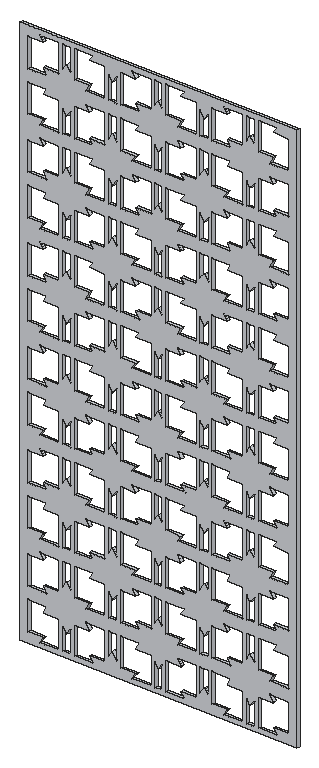
Revit family "Messianic", category Generic Models, Revit 2016
Family settings
  Part Type = Normal
  Can host rebar = No
  Round Connector Dimension = Use Diameter
  Work Plane-Based = Yes
  Always vertical = No
  Cut with Voids When Loaded = No
  Shared = No
  Room Calculation Point = No
Parameters
  Default Elevation = 4' - 0"
Reference planes (in)
  plane 1 "Center (Front/Back)": y = 0
  plane 2: z = 0
  plane 3 "Center (Left/Right)": x = 0
Forms (in)
  Extrusion 1, solid
    sketch origin (464, 0, -0.06647) x (1, 0, 0) y (0, 0, 1)
      loop
        line (-416, 96.06647) -> (-464, 96.06647) -> (-464, 0.06647) -> (-416, 0.06647) -> (-416, 96.06647)
      loop
        line (-459.96751, 50.01409) -> (-460.59761, 49.06895) -> (-457.28962, 49.06895) -> (-457.28962, 54.11896) -> (-459.96751, 54.11896) -> (-459.33742, 55.0641) -> (-462.64541, 55.0641) -> (-462.64541, 50.01409) -> (-459.96751, 50.01409)
      loop
        line (-455.24182, 49.06895) -> (-455.24182, 53.01629) -> (-455.87191, 52.07115) -> (-456.65953, 53.01629) -> (-456.65953, 49.06895) -> (-455.24182, 49.06895)
      loop
        line (-454.61172, 54.11896) -> (-454.61172, 49.06895) -> (-451.30374, 49.06895) -> (-451.93383, 50.01409) -> (-449.25593, 50.01409) -> (-449.25593, 55.0641) -> (-452.56392, 55.0641) -> (-451.93383, 54.11896) -> (-454.61172, 54.11896)
      loop
        line (-447.99575, 52.07115) -> (-447.20813, 51.11675) -> (-447.20813, 55.0641) -> (-448.62584, 55.0641) -> (-448.62584, 51.11675) -> (-447.99575, 52.07115)
      loop
        line (-446.57804, 55.0641) -> (-446.57804, 50.01409) -> (-443.89088, 50.01409) -> (-444.68776, 49.06895) -> (-441.21298, 49.06895) -> (-441.21298, 54.11896) -> (-443.89088, 54.11896) -> (-443.26079, 55.0641) -> (-446.57804, 55.0641)
      loop
        line (-440.58289, 49.06895) -> (-439.41711, 49.06895) -> (-439.41711, 53.01629) -> (-440, 52.14196) -> (-440.58289, 53.01629) -> (-440.58289, 49.06895)
      loop
        line (-440.58289, 59.1597) -> (-440, 60.04261) -> (-439.41711, 59.1597) -> (-439.41711, 63.10705) -> (-440.58289, 63.10705) -> (-440.58289, 59.1597)
      loop
        line (-444.68776, 63.10705) -> (-443.89088, 62.16191) -> (-446.57804, 62.16191) -> (-446.57804, 57.1119) -> (-443.26079, 57.1119) -> (-443.89088, 58.21456) -> (-441.21298, 58.21456) -> (-441.21298, 63.10705) -> (-444.68776, 63.10705)
      loop
        line (-447.20813, 61.21677) -> (-447.99575, 60.11411) -> (-448.62584, 61.05924) -> (-448.62584, 57.1119) -> (-447.20813, 57.1119) -> (-447.20813, 61.21677)
      loop
        line (-449.25593, 57.1119) -> (-449.25593, 62.16191) -> (-451.93383, 62.16191) -> (-451.30374, 63.10705) -> (-454.61172, 63.10705) -> (-454.61172, 58.21456) -> (-451.93383, 58.21456) -> (-452.56392, 57.1119) -> (-449.25593, 57.1119)
      loop
        line (-455.24182, 59.1597) -> (-455.24182, 63.10705) -> (-456.65953, 63.10705) -> (-456.65953, 59.1597) -> (-455.87191, 60.11411) -> (-455.24182, 59.1597)
      loop
        line (-457.28962, 58.21456) -> (-457.28962, 63.10705) -> (-460.59761, 63.10705) -> (-459.96751, 62.16191) -> (-462.64541, 62.16191) -> (-462.64541, 57.1119) -> (-459.33742, 57.1119) -> (-459.96751, 58.21456) -> (-457.28962, 58.21456)
      loop
        line (-459.96751, 66.09999) -> (-460.59761, 65.15485) -> (-457.28962, 65.15485) -> (-457.28962, 70.20486) -> (-459.96751, 70.20486) -> (-459.33742, 71.15) -> (-462.64541, 71.15) -> (-462.64541, 66.09999) -> (-459.96751, 66.09999)
      loop
        line (-455.24182, 65.15485) -> (-455.24182, 69.1022) -> (-455.87191, 68.15706) -> (-456.65953, 69.1022) -> (-456.65953, 65.15485) -> (-455.24182, 65.15485)
      loop
        line (-454.61172, 70.20486) -> (-454.61172, 65.15485) -> (-451.30374, 65.15485) -> (-451.93383, 66.09999) -> (-449.25593, 66.09999) -> (-449.25593, 71.15) -> (-452.56392, 71.15) -> (-451.93383, 70.20486) -> (-454.61172, 70.20486)
      loop
        line (-447.99575, 68.15706) -> (-447.20813, 67.20265) -> (-447.20813, 71.15) -> (-448.62584, 71.15) -> (-448.62584, 67.20265) -> (-447.99575, 68.15706)
      loop
        line (-446.57804, 71.15) -> (-446.57804, 66.09999) -> (-443.89088, 66.09999) -> (-444.68776, 65.15485) -> (-441.21298, 65.15485) -> (-441.21298, 70.20486) -> (-443.89088, 70.20486) -> (-443.26079, 71.15) -> (-446.57804, 71.15)
      loop
        line (-440.58289, 65.15485) -> (-439.41711, 65.15485) -> (-439.41711, 69.1022) -> (-440, 68.22786) -> (-440.58289, 69.1022) -> (-440.58289, 65.15485)
      loop
        line (-440.58289, 75.2456) -> (-440, 76.12851) -> (-439.41711, 75.2456) -> (-439.41711, 79.19295) -> (-440.58289, 79.19295) -> (-440.58289, 75.2456)
      loop
        line (-444.68776, 79.19295) -> (-443.89088, 78.24781) -> (-446.57804, 78.24781) -> (-446.57804, 73.1978) -> (-443.26079, 73.1978) -> (-443.89088, 74.30046) -> (-441.21298, 74.30046) -> (-441.21298, 79.19295) -> (-444.68776, 79.19295)
      loop
        line (-447.20813, 77.30267) -> (-447.99575, 76.20001) -> (-448.62584, 77.14515) -> (-448.62584, 73.1978) -> (-447.20813, 73.1978) -> (-447.20813, 77.30267)
      loop
        line (-449.25593, 73.1978) -> (-449.25593, 78.24781) -> (-451.93383, 78.24781) -> (-451.30374, 79.19295) -> (-454.61172, 79.19295) -> (-454.61172, 74.30046) -> (-451.93383, 74.30046) -> (-452.56392, 73.1978) -> (-449.25593, 73.1978)
      loop
        line (-455.24182, 75.2456) -> (-455.24182, 79.19295) -> (-456.65953, 79.19295) -> (-456.65953, 75.2456) -> (-455.87191, 76.20001) -> (-455.24182, 75.2456)
      loop
        line (-457.28962, 74.30046) -> (-457.28962, 79.19295) -> (-460.59761, 79.19295) -> (-459.96751, 78.24781) -> (-462.64541, 78.24781) -> (-462.64541, 73.1978) -> (-459.33742, 73.1978) -> (-459.96751, 74.30046) -> (-457.28962, 74.30046)
      loop
        line (-459.96751, 82.18589) -> (-460.59761, 81.24075) -> (-457.28962, 81.24075) -> (-457.28962, 86.29076) -> (-459.96751, 86.29076) -> (-459.33742, 87.2359) -> (-462.64541, 87.2359) -> (-462.64541, 82.18589) -> (-459.96751, 82.18589)
      loop
        line (-455.24182, 81.24075) -> (-455.24182, 85.1881) -> (-455.87191, 84.24296) -> (-456.65953, 85.1881) -> (-456.65953, 81.24075) -> (-455.24182, 81.24075)
      loop
        line (-454.61172, 86.29076) -> (-454.61172, 81.24075) -> (-451.30374, 81.24075) -> (-451.93383, 82.18589) -> (-449.25593, 82.18589) -> (-449.25593, 87.2359) -> (-452.56392, 87.2359) -> (-451.93383, 86.29076) -> (-454.61172, 86.29076)
      loop
        line (-447.99575, 84.24296) -> (-447.20813, 83.28855) -> (-447.20813, 87.2359) -> (-448.62584, 87.2359) -> (-448.62584, 83.28855) -> (-447.99575, 84.24296)
      loop
        line (-446.57804, 87.2359) -> (-446.57804, 82.18589) -> (-443.89088, 82.18589) -> (-444.68776, 81.24075) -> (-441.21298, 81.24075) -> (-441.21298, 86.29076) -> (-443.89088, 86.29076) -> (-443.26079, 87.2359) -> (-446.57804, 87.2359)
      loop
        line (-440.58289, 81.24075) -> (-439.41711, 81.24075) -> (-439.41711, 85.1881) -> (-440, 84.31376) -> (-440.58289, 85.1881) -> (-440.58289, 81.24075)
      loop
        line (-440.58289, 91.3315) -> (-440, 92.21441) -> (-439.41711, 91.3315) -> (-439.41711, 95.27885) -> (-440.58289, 95.27885) -> (-440.58289, 91.3315)
      loop
        line (-444.68776, 95.27885) -> (-443.89088, 94.33371) -> (-446.57804, 94.33371) -> (-446.57804, 89.2837) -> (-443.26079, 89.2837) -> (-443.99589, 90.38636) -> (-441.21298, 90.38636) -> (-441.21298, 95.27885) -> (-444.68776, 95.27885)
      loop
        line (-447.20813, 93.38857) -> (-447.99575, 92.28591) -> (-448.62584, 93.23105) -> (-448.62584, 89.2837) -> (-447.20813, 89.2837) -> (-447.20813, 93.38857)
      loop
        line (-449.25593, 89.2837) -> (-449.25593, 94.33371) -> (-451.93383, 94.33371) -> (-451.30374, 95.27885) -> (-454.61172, 95.27885) -> (-454.61172, 90.38636) -> (-451.93383, 90.38636) -> (-452.56392, 89.2837) -> (-449.25593, 89.2837)
      loop
        line (-455.24182, 91.3315) -> (-455.24182, 95.27885) -> (-456.65953, 95.27885) -> (-456.65953, 91.3315) -> (-455.87191, 92.28591) -> (-455.24182, 91.3315)
      loop
        line (-457.28962, 90.38636) -> (-457.28962, 95.27885) -> (-460.59761, 95.27885) -> (-459.96751, 94.33371) -> (-462.64541, 94.33371) -> (-462.64541, 89.2837) -> (-459.33742, 89.2837) -> (-459.96751, 90.38636) -> (-457.28962, 90.38636)
      loop
        line (-420.03249, 50.01409) -> (-417.35459, 50.01409) -> (-417.35459, 55.0641) -> (-420.66258, 55.0641) -> (-420.03249, 54.11896) -> (-422.71038, 54.11896) -> (-422.71038, 49.06895) -> (-419.40239, 49.06895) -> (-420.03249, 50.01409)
      loop
        line (-424.75818, 49.06895) -> (-423.34047, 49.06895) -> (-423.34047, 53.01629) -> (-424.12809, 52.07115) -> (-424.75818, 53.01629) -> (-424.75818, 49.06895)
      loop
        line (-425.38828, 54.11896) -> (-428.06617, 54.11896) -> (-427.43608, 55.0641) -> (-430.74407, 55.0641) -> (-430.74407, 50.01409) -> (-428.06617, 50.01409) -> (-428.69626, 49.06895) -> (-425.38828, 49.06895) -> (-425.38828, 54.11896)
      loop
        line (-432.00425, 52.07115) -> (-431.37416, 51.11675) -> (-431.37416, 55.0641) -> (-432.79187, 55.0641) -> (-432.79187, 51.11675) -> (-432.00425, 52.07115)
      loop
        line (-433.42196, 55.0641) -> (-436.73921, 55.0641) -> (-436.10912, 54.11896) -> (-438.78702, 54.11896) -> (-438.78702, 49.06895) -> (-435.31224, 49.06895) -> (-436.10912, 50.01409) -> (-433.42196, 50.01409) -> (-433.42196, 55.0641)
      loop
        line (-435.31224, 63.10705) -> (-438.78702, 63.10705) -> (-438.78702, 58.21456) -> (-436.10912, 58.21456) -> (-436.73921, 57.1119) -> (-433.42196, 57.1119) -> (-433.42196, 62.16191) -> (-436.10912, 62.16191) -> (-435.31224, 63.10705)
      loop
        line (-432.79187, 61.21677) -> (-432.79187, 57.1119) -> (-431.37416, 57.1119) -> (-431.37416, 61.05924) -> (-432.00425, 60.11411) -> (-432.79187, 61.21677)
      loop
        line (-430.74407, 57.1119) -> (-427.43608, 57.1119) -> (-428.06617, 58.21456) -> (-425.38828, 58.21456) -> (-425.38828, 63.10705) -> (-428.69626, 63.10705) -> (-428.06617, 62.16191) -> (-430.74407, 62.16191) -> (-430.74407, 57.1119)
      loop
        line (-424.75818, 59.1597) -> (-424.12809, 60.11411) -> (-423.34047, 59.1597) -> (-423.34047, 63.10705) -> (-424.75818, 63.10705) -> (-424.75818, 59.1597)
      loop
        line (-422.71038, 58.21456) -> (-420.03249, 58.21456) -> (-420.66258, 57.1119) -> (-417.35459, 57.1119) -> (-417.35459, 62.16191) -> (-420.03249, 62.16191) -> (-419.40239, 63.10705) -> (-422.71038, 63.10705) -> (-422.71038, 58.21456)
      loop
        line (-420.03249, 66.09999) -> (-417.35459, 66.09999) -> (-417.35459, 71.15) -> (-420.66258, 71.15) -> (-420.03249, 70.20486) -> (-422.71038, 70.20486) -> (-422.71038, 65.15485) -> (-419.40239, 65.15485) -> (-420.03249, 66.09999)
      loop
        line (-424.75818, 65.15485) -> (-423.34047, 65.15485) -> (-423.34047, 69.1022) -> (-424.12809, 68.15706) -> (-424.75818, 69.1022) -> (-424.75818, 65.15485)
      loop
        line (-425.38828, 70.20486) -> (-428.06617, 70.20486) -> (-427.43608, 71.15) -> (-430.74407, 71.15) -> (-430.74407, 66.09999) -> (-428.06617, 66.09999) -> (-428.69626, 65.15485) -> (-425.38828, 65.15485) -> (-425.38828, 70.20486)
      loop
        line (-432.00425, 68.15706) -> (-431.37416, 67.20265) -> (-431.37416, 71.15) -> (-432.79187, 71.15) -> (-432.79187, 67.20265) -> (-432.00425, 68.15706)
      loop
        line (-433.42196, 71.15) -> (-436.73921, 71.15) -> (-436.10912, 70.20486) -> (-438.78702, 70.20486) -> (-438.78702, 65.15485) -> (-435.31224, 65.15485) -> (-436.10912, 66.09999) -> (-433.42196, 66.09999) -> (-433.42196, 71.15)
      loop
        line (-435.31224, 79.19295) -> (-438.78702, 79.19295) -> (-438.78702, 74.30046) -> (-436.10912, 74.30046) -> (-436.73921, 73.1978) -> (-433.42196, 73.1978) -> (-433.42196, 78.24781) -> (-436.10912, 78.24781) -> (-435.31224, 79.19295)
      loop
        line (-432.79187, 77.30267) -> (-432.79187, 73.1978) -> (-431.37416, 73.1978) -> (-431.37416, 77.14515) -> (-432.00425, 76.20001) -> (-432.79187, 77.30267)
      loop
        line (-430.74407, 73.1978) -> (-427.43608, 73.1978) -> (-428.06617, 74.30046) -> (-425.38828, 74.30046) -> (-425.38828, 79.19295) -> (-428.69626, 79.19295) -> (-428.06617, 78.24781) -> (-430.74407, 78.24781) -> (-430.74407, 73.1978)
      loop
        line (-424.75818, 75.2456) -> (-424.12809, 76.20001) -> (-423.34047, 75.2456) -> (-423.34047, 79.19295) -> (-424.75818, 79.19295) -> (-424.75818, 75.2456)
      loop
        line (-422.71038, 74.30046) -> (-420.03249, 74.30046) -> (-420.66258, 73.1978) -> (-417.35459, 73.1978) -> (-417.35459, 78.24781) -> (-420.03249, 78.24781) -> (-419.40239, 79.19295) -> (-422.71038, 79.19295) -> (-422.71038, 74.30046)
      loop
        line (-420.03249, 82.18589) -> (-417.35459, 82.18589) -> (-417.35459, 87.2359) -> (-420.66258, 87.2359) -> (-420.03249, 86.29076) -> (-422.71038, 86.29076) -> (-422.71038, 81.24075) -> (-419.40239, 81.24075) -> (-420.03249, 82.18589)
      loop
        line (-424.75818, 81.24075) -> (-423.34047, 81.24075) -> (-423.34047, 85.1881) -> (-424.12809, 84.24296) -> (-424.75818, 85.1881) -> (-424.75818, 81.24075)
      loop
        line (-425.38828, 86.29076) -> (-428.06617, 86.29076) -> (-427.43608, 87.2359) -> (-430.74407, 87.2359) -> (-430.74407, 82.18589) -> (-428.06617, 82.18589) -> (-428.69626, 81.24075) -> (-425.38828, 81.24075) -> (-425.38828, 86.29076)
      loop
        line (-432.00425, 84.24296) -> (-431.37416, 83.28855) -> (-431.37416, 87.2359) -> (-432.79187, 87.2359) -> (-432.79187, 83.28855) -> (-432.00425, 84.24296)
      loop
        line (-433.42196, 87.2359) -> (-436.73921, 87.2359) -> (-436.10912, 86.29076) -> (-438.78702, 86.29076) -> (-438.78702, 81.24075) -> (-435.31224, 81.24075) -> (-436.10912, 82.18589) -> (-433.42196, 82.18589) -> (-433.42196, 87.2359)
      loop
        line (-435.31224, 95.27885) -> (-438.78702, 95.27885) -> (-438.78702, 90.38636) -> (-436.00411, 90.38636) -> (-436.73921, 89.2837) -> (-433.42196, 89.2837) -> (-433.42196, 94.33371) -> (-436.10912, 94.33371) -> (-435.31224, 95.27885)
      loop
        line (-432.79187, 93.38857) -> (-432.79187, 89.2837) -> (-431.37416, 89.2837) -> (-431.37416, 93.23105) -> (-432.00425, 92.28591) -> (-432.79187, 93.38857)
      loop
        line (-430.74407, 89.2837) -> (-427.43608, 89.2837) -> (-428.06617, 90.38636) -> (-425.38828, 90.38636) -> (-425.38828, 95.27885) -> (-428.69626, 95.27885) -> (-428.06617, 94.33371) -> (-430.74407, 94.33371) -> (-430.74407, 89.2837)
      loop
        line (-424.75818, 91.3315) -> (-424.12809, 92.28591) -> (-423.34047, 91.3315) -> (-423.34047, 95.27885) -> (-424.75818, 95.27885) -> (-424.75818, 91.3315)
      loop
        line (-422.71038, 90.38636) -> (-420.03249, 90.38636) -> (-420.66258, 89.2837) -> (-417.35459, 89.2837) -> (-417.35459, 94.33371) -> (-420.03249, 94.33371) -> (-419.40239, 95.27885) -> (-422.71038, 95.27885) -> (-422.71038, 90.38636)
      loop
        line (-459.96751, 46.11885) -> (-462.64541, 46.11885) -> (-462.64541, 41.06884) -> (-459.33742, 41.06884) -> (-459.96751, 42.01398) -> (-457.28962, 42.01398) -> (-457.28962, 47.06399) -> (-460.59761, 47.06399) -> (-459.96751, 46.11885)
      loop
        line (-455.24182, 47.06399) -> (-456.65953, 47.06399) -> (-456.65953, 43.11664) -> (-455.87191, 44.06178) -> (-455.24182, 43.11664) -> (-455.24182, 47.06399)
      loop
        line (-454.61172, 42.01398) -> (-451.93383, 42.01398) -> (-452.56392, 41.06884) -> (-449.25593, 41.06884) -> (-449.25593, 46.11885) -> (-451.93383, 46.11885) -> (-451.30374, 47.06399) -> (-454.61172, 47.06399) -> (-454.61172, 42.01398)
      loop
        line (-447.99575, 44.06178) -> (-448.62584, 45.01619) -> (-448.62584, 41.06884) -> (-447.20813, 41.06884) -> (-447.20813, 45.01619) -> (-447.99575, 44.06178)
      loop
        line (-446.57804, 41.06884) -> (-443.26079, 41.06884) -> (-443.89088, 42.01398) -> (-441.21298, 42.01398) -> (-441.21298, 47.06399) -> (-444.68776, 47.06399) -> (-443.89088, 46.11885) -> (-446.57804, 46.11885) -> (-446.57804, 41.06884)
      loop
        line (-440.58289, 47.06399) -> (-440.58289, 43.11664) -> (-440, 43.99098) -> (-439.41711, 43.11664) -> (-439.41711, 47.06399) -> (-440.58289, 47.06399)
      loop
        line (-440.58289, 36.97323) -> (-440.58289, 33.02589) -> (-439.41711, 33.02589) -> (-439.41711, 36.97323) -> (-440, 36.09033) -> (-440.58289, 36.97323)
      loop
        line (-444.68776, 33.02589) -> (-441.21298, 33.02589) -> (-441.21298, 37.91837) -> (-443.89088, 37.91837) -> (-443.26079, 39.02104) -> (-446.57804, 39.02104) -> (-446.57804, 33.97103) -> (-443.89088, 33.97103) -> (-444.68776, 33.02589)
      loop
        line (-447.20813, 34.91617) -> (-447.20813, 39.02104) -> (-448.62584, 39.02104) -> (-448.62584, 35.07369) -> (-447.99575, 36.01883) -> (-447.20813, 34.91617)
      loop
        line (-449.25593, 39.02104) -> (-452.56392, 39.02104) -> (-451.93383, 37.91837) -> (-454.61172, 37.91837) -> (-454.61172, 33.02589) -> (-451.30374, 33.02589) -> (-451.93383, 33.97103) -> (-449.25593, 33.97103) -> (-449.25593, 39.02104)
      loop
        line (-455.24182, 36.97323) -> (-455.87191, 36.01883) -> (-456.65953, 36.97323) -> (-456.65953, 33.02589) -> (-455.24182, 33.02589) -> (-455.24182, 36.97323)
      loop
        line (-457.28962, 37.91837) -> (-459.96751, 37.91837) -> (-459.33742, 39.02104) -> (-462.64541, 39.02104) -> (-462.64541, 33.97103) -> (-459.96751, 33.97103) -> (-460.59761, 33.02589) -> (-457.28962, 33.02589) -> (-457.28962, 37.91837)
      loop
        line (-459.96751, 30.03295) -> (-462.64541, 30.03295) -> (-462.64541, 24.98294) -> (-459.33742, 24.98294) -> (-459.96751, 25.92808) -> (-457.28962, 25.92808) -> (-457.28962, 30.97809) -> (-460.59761, 30.97809) -> (-459.96751, 30.03295)
      loop
        line (-455.24182, 30.97809) -> (-456.65953, 30.97809) -> (-456.65953, 27.03074) -> (-455.87191, 27.97588) -> (-455.24182, 27.03074) -> (-455.24182, 30.97809)
      loop
        line (-454.61172, 25.92808) -> (-451.93383, 25.92808) -> (-452.56392, 24.98294) -> (-449.25593, 24.98294) -> (-449.25593, 30.03295) -> (-451.93383, 30.03295) -> (-451.30374, 30.97809) -> (-454.61172, 30.97809) -> (-454.61172, 25.92808)
      loop
        line (-447.99575, 27.97588) -> (-448.62584, 28.93028) -> (-448.62584, 24.98294) -> (-447.20813, 24.98294) -> (-447.20813, 28.93028) -> (-447.99575, 27.97588)
      loop
        line (-446.57804, 24.98294) -> (-443.26079, 24.98294) -> (-443.89088, 25.92808) -> (-441.21298, 25.92808) -> (-441.21298, 30.97809) -> (-444.68776, 30.97809) -> (-443.89088, 30.03295) -> (-446.57804, 30.03295) -> (-446.57804, 24.98294)
      loop
        line (-440.58289, 30.97809) -> (-440.58289, 27.03074) -> (-440, 27.90507) -> (-439.41711, 27.03074) -> (-439.41711, 30.97809) -> (-440.58289, 30.97809)
      loop
        line (-440.58289, 20.88733) -> (-440.58289, 16.93999) -> (-439.41711, 16.93999) -> (-439.41711, 20.88733) -> (-440, 20.00442) -> (-440.58289, 20.88733)
      loop
        line (-444.68776, 16.93999) -> (-441.21298, 16.93999) -> (-441.21298, 21.83247) -> (-443.89088, 21.83247) -> (-443.26079, 22.93513) -> (-446.57804, 22.93513) -> (-446.57804, 17.88512) -> (-443.89088, 17.88512) -> (-444.68776, 16.93999)
      loop
        line (-447.20813, 18.83026) -> (-447.20813, 22.93513) -> (-448.62584, 22.93513) -> (-448.62584, 18.98779) -> (-447.99575, 19.93293) -> (-447.20813, 18.83026)
      loop
        line (-449.25593, 22.93513) -> (-452.56392, 22.93513) -> (-451.93383, 21.83247) -> (-454.61172, 21.83247) -> (-454.61172, 16.93999) -> (-451.30374, 16.93999) -> (-451.93383, 17.88512) -> (-449.25593, 17.88512) -> (-449.25593, 22.93513)
      loop
        line (-455.24182, 20.88733) -> (-455.87191, 19.93293) -> (-456.65953, 20.88733) -> (-456.65953, 16.93999) -> (-455.24182, 16.93999) -> (-455.24182, 20.88733)
      loop
        line (-457.28962, 21.83247) -> (-459.96751, 21.83247) -> (-459.33742, 22.93513) -> (-462.64541, 22.93513) -> (-462.64541, 17.88512) -> (-459.96751, 17.88512) -> (-460.59761, 16.93999) -> (-457.28962, 16.93999) -> (-457.28962, 21.83247)
      loop
        line (-459.96751, 13.94704) -> (-462.64541, 13.94704) -> (-462.64541, 8.89703) -> (-459.33742, 8.89703) -> (-459.96751, 9.84217) -> (-457.28962, 9.84217) -> (-457.28962, 14.89218) -> (-460.59761, 14.89218) -> (-459.96751, 13.94704)
      loop
        line (-455.24182, 14.89218) -> (-456.65953, 14.89218) -> (-456.65953, 10.94484) -> (-455.87191, 11.88998) -> (-455.24182, 10.94484) -> (-455.24182, 14.89218)
      loop
        line (-454.61172, 9.84217) -> (-451.93383, 9.84217) -> (-452.56392, 8.89703) -> (-449.25593, 8.89703) -> (-449.25593, 13.94704) -> (-451.93383, 13.94704) -> (-451.30374, 14.89218) -> (-454.61172, 14.89218) -> (-454.61172, 9.84217)
      loop
        line (-447.99575, 11.88998) -> (-448.62584, 12.84438) -> (-448.62584, 8.89703) -> (-447.20813, 8.89703) -> (-447.20813, 12.84438) -> (-447.99575, 11.88998)
      loop
        line (-446.57804, 8.89703) -> (-443.26079, 8.89703) -> (-443.89088, 9.84217) -> (-441.21298, 9.84217) -> (-441.21298, 14.89218) -> (-444.68776, 14.89218) -> (-443.89088, 13.94704) -> (-446.57804, 13.94704) -> (-446.57804, 8.89703)
      loop
        line (-440.58289, 14.89218) -> (-440.58289, 10.94484) -> (-440, 11.81917) -> (-439.41711, 10.94484) -> (-439.41711, 14.89218) -> (-440.58289, 14.89218)
      loop
        line (-440.58289, 4.80143) -> (-440.58289, 0.85408) -> (-439.41711, 0.85408) -> (-439.41711, 4.80143) -> (-440, 3.91852) -> (-440.58289, 4.80143)
      loop
        line (-444.68776, 0.85408) -> (-441.21298, 0.85408) -> (-441.21298, 5.74657) -> (-443.99589, 5.74657) -> (-443.26079, 6.84923) -> (-446.57804, 6.84923) -> (-446.57804, 1.79922) -> (-443.89088, 1.79922) -> (-444.68776, 0.85408)
      loop
        line (-447.20813, 2.74436) -> (-447.20813, 6.84923) -> (-448.62584, 6.84923) -> (-448.62584, 2.90189) -> (-447.99575, 3.84702) -> (-447.20813, 2.74436)
      loop
        line (-449.25593, 6.84923) -> (-452.56392, 6.84923) -> (-451.93383, 5.74657) -> (-454.61172, 5.74657) -> (-454.61172, 0.85408) -> (-451.30374, 0.85408) -> (-451.93383, 1.79922) -> (-449.25593, 1.79922) -> (-449.25593, 6.84923)
      loop
        line (-455.24182, 4.80143) -> (-455.87191, 3.84702) -> (-456.65953, 4.80143) -> (-456.65953, 0.85408) -> (-455.24182, 0.85408) -> (-455.24182, 4.80143)
      loop
        line (-457.28962, 5.74657) -> (-459.96751, 5.74657) -> (-459.33742, 6.84923) -> (-462.64541, 6.84923) -> (-462.64541, 1.79922) -> (-459.96751, 1.79922) -> (-460.59761, 0.85408) -> (-457.28962, 0.85408) -> (-457.28962, 5.74657)
      loop
        line (-420.03249, 46.11885) -> (-419.40239, 47.06399) -> (-422.71038, 47.06399) -> (-422.71038, 42.01398) -> (-420.03249, 42.01398) -> (-420.66258, 41.06884) -> (-417.35459, 41.06884) -> (-417.35459, 46.11885) -> (-420.03249, 46.11885)
      loop
        line (-424.75818, 47.06399) -> (-424.75818, 43.11664) -> (-424.12809, 44.06178) -> (-423.34047, 43.11664) -> (-423.34047, 47.06399) -> (-424.75818, 47.06399)
      loop
        line (-425.38828, 42.01398) -> (-425.38828, 47.06399) -> (-428.69626, 47.06399) -> (-428.06617, 46.11885) -> (-430.74407, 46.11885) -> (-430.74407, 41.06884) -> (-427.43608, 41.06884) -> (-428.06617, 42.01398) -> (-425.38828, 42.01398)
      loop
        line (-432.00425, 44.06178) -> (-432.79187, 45.01619) -> (-432.79187, 41.06884) -> (-431.37416, 41.06884) -> (-431.37416, 45.01619) -> (-432.00425, 44.06178)
      loop
        line (-433.42196, 41.06884) -> (-433.42196, 46.11885) -> (-436.10912, 46.11885) -> (-435.31224, 47.06399) -> (-438.78702, 47.06399) -> (-438.78702, 42.01398) -> (-436.10912, 42.01398) -> (-436.73921, 41.06884) -> (-433.42196, 41.06884)
      loop
        line (-435.31224, 33.02589) -> (-436.10912, 33.97103) -> (-433.42196, 33.97103) -> (-433.42196, 39.02104) -> (-436.73921, 39.02104) -> (-436.10912, 37.91837) -> (-438.78702, 37.91837) -> (-438.78702, 33.02589) -> (-435.31224, 33.02589)
      loop
        line (-432.79187, 34.91617) -> (-432.00425, 36.01883) -> (-431.37416, 35.07369) -> (-431.37416, 39.02104) -> (-432.79187, 39.02104) -> (-432.79187, 34.91617)
      loop
        line (-430.74407, 39.02104) -> (-430.74407, 33.97103) -> (-428.06617, 33.97103) -> (-428.69626, 33.02589) -> (-425.38828, 33.02589) -> (-425.38828, 37.91837) -> (-428.06617, 37.91837) -> (-427.43608, 39.02104) -> (-430.74407, 39.02104)
      loop
        line (-424.75818, 36.97323) -> (-424.75818, 33.02589) -> (-423.34047, 33.02589) -> (-423.34047, 36.97323) -> (-424.12809, 36.01883) -> (-424.75818, 36.97323)
      loop
        line (-422.71038, 37.91837) -> (-422.71038, 33.02589) -> (-419.40239, 33.02589) -> (-420.03249, 33.97103) -> (-417.35459, 33.97103) -> (-417.35459, 39.02104) -> (-420.66258, 39.02104) -> (-420.03249, 37.91837) -> (-422.71038, 37.91837)
      loop
        line (-420.03249, 30.03295) -> (-419.40239, 30.97809) -> (-422.71038, 30.97809) -> (-422.71038, 25.92808) -> (-420.03249, 25.92808) -> (-420.66258, 24.98294) -> (-417.35459, 24.98294) -> (-417.35459, 30.03295) -> (-420.03249, 30.03295)
      loop
        line (-424.75818, 30.97809) -> (-424.75818, 27.03074) -> (-424.12809, 27.97588) -> (-423.34047, 27.03074) -> (-423.34047, 30.97809) -> (-424.75818, 30.97809)
      loop
        line (-425.38828, 25.92808) -> (-425.38828, 30.97809) -> (-428.69626, 30.97809) -> (-428.06617, 30.03295) -> (-430.74407, 30.03295) -> (-430.74407, 24.98294) -> (-427.43608, 24.98294) -> (-428.06617, 25.92808) -> (-425.38828, 25.92808)
      loop
        line (-432.00425, 27.97588) -> (-432.79187, 28.93028) -> (-432.79187, 24.98294) -> (-431.37416, 24.98294) -> (-431.37416, 28.93028) -> (-432.00425, 27.97588)
      loop
        line (-433.42196, 24.98294) -> (-433.42196, 30.03295) -> (-436.10912, 30.03295) -> (-435.31224, 30.97809) -> (-438.78702, 30.97809) -> (-438.78702, 25.92808) -> (-436.10912, 25.92808) -> (-436.73921, 24.98294) -> (-433.42196, 24.98294)
      loop
        line (-435.31224, 16.93999) -> (-436.10912, 17.88512) -> (-433.42196, 17.88512) -> (-433.42196, 22.93513) -> (-436.73921, 22.93513) -> (-436.10912, 21.83247) -> (-438.78702, 21.83247) -> (-438.78702, 16.93999) -> (-435.31224, 16.93999)
      loop
        line (-432.79187, 18.83026) -> (-432.00425, 19.93293) -> (-431.37416, 18.98779) -> (-431.37416, 22.93513) -> (-432.79187, 22.93513) -> (-432.79187, 18.83026)
      loop
        line (-430.74407, 22.93513) -> (-430.74407, 17.88512) -> (-428.06617, 17.88512) -> (-428.69626, 16.93999) -> (-425.38828, 16.93999) -> (-425.38828, 21.83247) -> (-428.06617, 21.83247) -> (-427.43608, 22.93513) -> (-430.74407, 22.93513)
      loop
        line (-424.75818, 20.88733) -> (-424.75818, 16.93999) -> (-423.34047, 16.93999) -> (-423.34047, 20.88733) -> (-424.12809, 19.93293) -> (-424.75818, 20.88733)
      loop
        line (-422.71038, 21.83247) -> (-422.71038, 16.93999) -> (-419.40239, 16.93999) -> (-420.03249, 17.88512) -> (-417.35459, 17.88512) -> (-417.35459, 22.93513) -> (-420.66258, 22.93513) -> (-420.03249, 21.83247) -> (-422.71038, 21.83247)
      loop
        line (-420.03249, 13.94704) -> (-419.40239, 14.89218) -> (-422.71038, 14.89218) -> (-422.71038, 9.84217) -> (-420.03249, 9.84217) -> (-420.66258, 8.89703) -> (-417.35459, 8.89703) -> (-417.35459, 13.94704) -> (-420.03249, 13.94704)
      loop
        line (-424.75818, 14.89218) -> (-424.75818, 10.94484) -> (-424.12809, 11.88998) -> (-423.34047, 10.94484) -> (-423.34047, 14.89218) -> (-424.75818, 14.89218)
      loop
        line (-425.38828, 9.84217) -> (-425.38828, 14.89218) -> (-428.69626, 14.89218) -> (-428.06617, 13.94704) -> (-430.74407, 13.94704) -> (-430.74407, 8.89703) -> (-427.43608, 8.89703) -> (-428.06617, 9.84217) -> (-425.38828, 9.84217)
      loop
        line (-432.00425, 11.88998) -> (-432.79187, 12.84438) -> (-432.79187, 8.89703) -> (-431.37416, 8.89703) -> (-431.37416, 12.84438) -> (-432.00425, 11.88998)
      loop
        line (-433.42196, 8.89703) -> (-433.42196, 13.94704) -> (-436.10912, 13.94704) -> (-435.31224, 14.89218) -> (-438.78702, 14.89218) -> (-438.78702, 9.84217) -> (-436.10912, 9.84217) -> (-436.73921, 8.89703) -> (-433.42196, 8.89703)
      loop
        line (-435.31224, 0.85408) -> (-436.10912, 1.79922) -> (-433.42196, 1.79922) -> (-433.42196, 6.84923) -> (-436.73921, 6.84923) -> (-436.00411, 5.74657) -> (-438.78702, 5.74657) -> (-438.78702, 0.85408) -> (-435.31224, 0.85408)
      loop
        line (-432.79187, 2.74436) -> (-432.00425, 3.84702) -> (-431.37416, 2.90189) -> (-431.37416, 6.84923) -> (-432.79187, 6.84923) -> (-432.79187, 2.74436)
      loop
        line (-430.74407, 6.84923) -> (-430.74407, 1.79922) -> (-428.06617, 1.79922) -> (-428.69626, 0.85408) -> (-425.38828, 0.85408) -> (-425.38828, 5.74657) -> (-428.06617, 5.74657) -> (-427.43608, 6.84923) -> (-430.74407, 6.84923)
      loop
        line (-424.75818, 4.80143) -> (-424.75818, 0.85408) -> (-423.34047, 0.85408) -> (-423.34047, 4.80143) -> (-424.12809, 3.84702) -> (-424.75818, 4.80143)
      loop
        line (-422.71038, 5.74657) -> (-422.71038, 0.85408) -> (-419.40239, 0.85408) -> (-420.03249, 1.79922) -> (-417.35459, 1.79922) -> (-417.35459, 6.84923) -> (-420.66258, 6.84923) -> (-420.03249, 5.74657) -> (-422.71038, 5.74657)
    from 0 to 0.5
Dimensions and locks (in)
  aligned and locked: plane 2 to level
